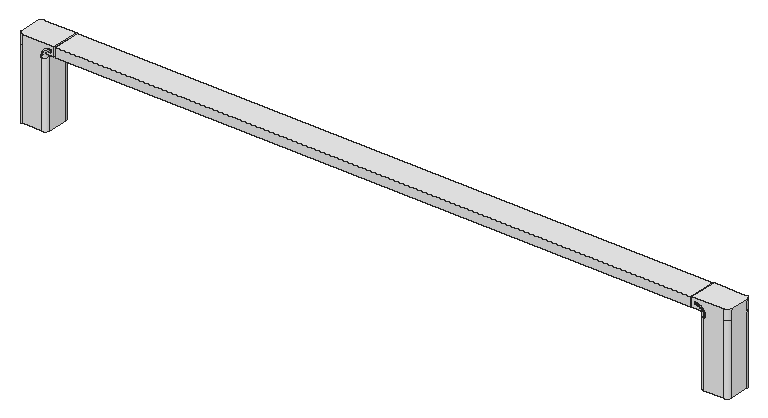
Revit family "Towel Rail-Single-Dorf Epic1", category Specialty Equipment, host Face, Revit 2012
Parameters (values of type "Epic Single Towel Rail - 600mm")
  URL = "http://www.dorf.com.au/"
  Type Comments = "Epic Single Towel Rail - 600mm"
  Model = "6424.04"
  Material_ANZRS = Metal-Chrome-Caroma
  Manufacturer = "Dorf"  # constant formula
  Long = no
  Length_ANZRS = if(Long, 800 mm, 600 mm)  # 600 mm
  Description = "In line with the current bathroom trend toward more minimally styled geometric shapes"  # constant formula
  Default Elevation = 1100 mm
  CreatedBy_ANZRS = "Design Content"  # constant formula
  CreatedByURL_ANZRS = "www.designcontent.com.au"
  Cost = 0
  Assembly Code = "C1030200"
Types (3, lengths in mm): name | Type Comments | Model | Long | Length_ANZRS | Default Elevation
  (no name) | "Epic Single Towel Rail - 600mm" | "6424.04" | no | 600 | 1100
  Epic Single Towel Rail - 600mm | "Epic Single Towel Rail - 600mm" | "6424.04" | no | 600 | 1100
  Epic Single Towel Rail - 800mm | "Epic Single Towel Rail - 800mm" | "6425.04" | yes | 800 | 900
Reference planes
  plane 1 "Center (Elevation)": y = 0
  plane 2 "Back": z = 0
  plane 3 "Center (Left/Right)": x = 0
  plane 4 "Left": x = -300
  plane 5 "Right": x = 300
  plane 6 "Top": y = 12.5
  plane 7 "Bottom": y = -12.5
  plane 8 "Front": z = 70
  plane 9: x = -312.5
  plane 10: x = -287.5
  plane 11: x = 287.5
  plane 12: x = 312.5
Forms (mm)
  Extrusion 1, solid, material "Metal-Chrome-Caroma" <- "Material_ANZRS"
    sketch origin (0, 0, 0) x (1, 0, 0) y (0, 1, 0)
      loop
        arc (-308.5, 12.5) -> (-311.328, 11.328) -> (-312.5, 8.5) r 4
        line (-312.5, 8.5) -> (-312.5, -8.5)
        arc (-312.5, -8.5) -> (-311.328, -11.328) -> (-308.5, -12.5) r 4
        line (-308.5, -12.5) -> (-291.5, -12.5)
        arc (-291.5, -12.5) -> (-288.672, -11.328) -> (-287.5, -8.5) r 4
        line (-287.5, -8.5) -> (-287.5, 8.5)
        arc (-287.5, 8.5) -> (-288.672, 11.328) -> (-291.5, 12.5) r 4
        line (-291.5, 12.5) -> (-308.5, 12.5)
      loop
        line (308.5, 12.5) -> (291.5, 12.5)
        arc (291.5, 12.5) -> (288.672, 11.328) -> (287.5, 8.5) r 4
        line (287.5, 8.5) -> (287.5, -8.5)
        arc (287.5, -8.5) -> (288.672, -11.328) -> (291.5, -12.5) r 4
        line (291.5, -12.5) -> (308.5, -12.5)
        arc (308.5, -12.5) -> (311.328, -11.328) -> (312.5, -8.5) r 4
        line (312.5, -8.5) -> (312.5, 8.5)
        arc (312.5, 8.5) -> (311.328, 11.328) -> (308.5, 12.5) r 4
    from 0 to 62
  Extrusion 2, solid, material "Metal-Chrome-Caroma" <- "Material_ANZRS"
    sketch origin (0, 0, -43) x (1, 0, 0) y (0, 1, 0)
      loop
        line (-279.5, 12.5) -> (-279.5, -12.5) -> (279.5, -12.5) -> (279.5, 12.5) -> (-279.5, 12.5)
      loop
        line (280.5, 12.5) -> (280.5, -12.5) -> (308.5, -12.5)
        arc (308.5, -12.5) -> (311.328, -11.328) -> (312.5, -8.5) r 4
        line (312.5, -8.5) -> (312.5, 8.5)
        arc (312.5, 8.5) -> (311.328, 11.328) -> (308.5, 12.5) r 4
        line (308.5, 12.5) -> (280.5, 12.5)
      loop
        line (-280.5, 12.5) -> (-308.5, 12.5)
        arc (-308.5, 12.5) -> (-311.328, 11.328) -> (-312.5, 8.5) r 4
        line (-312.5, 8.5) -> (-312.5, -8.5)
        arc (-312.5, -8.5) -> (-311.328, -11.328) -> (-308.5, -12.5) r 4
        line (-308.5, -12.5) -> (-280.5, -12.5) -> (-280.5, 12.5)
    from 105 to 113
  Extrusion 3, solid, material "Metal-Chrome-Caroma" <- "Material_ANZRS"
    sketch origin (0, 0, 0) x (0, 1, 0) y (0, 0, 1)
      loop
        line (12, 69.5) -> (-12, 69.5) -> (-12, 62.5) -> (12, 62.5) -> (12, 69.5)
    from -287.5 to 287.5
  Sweep 4, solid, material "Metal-Chrome-Caroma" <- "Material_ANZRS"
    path origin (0, 0, 0) x (1, 0, 0) y (0, 0, 1)
      loop
        arc (-287.5, 58) -> (-286.328, 60.828) -> (-283.5, 62) r 4
    profile origin (-287.5, 0, 58) x (-1, 0, 0) y (0, -1, 0)
      loop
        arc (4, 12.5) -> (1.172, 11.328) -> (0, 8.5) r 4
        line (0, 8.5) -> (0, -8.5)
        arc (0, -8.5) -> (1.172, -11.328) -> (4, -12.5) r 4
        line (4, -12.5) -> (5, -12.5) -> (5, 12.5) -> (4, 12.5)
  Sweep 5, solid, material "Metal-Chrome-Caroma" <- "Material_ANZRS"
    path origin (0, 0, 0) x (-1, 0, 0) y (0, 0, 1)
      loop
        arc (-287.5, 58) -> (-286.328, 60.828) -> (-283.5, 62) r 4
    profile origin (287.5, 0, 58) x (-1, 0, 0) y (0, -1, 0)
      loop
        line (-4, 12.5) -> (-5, 12.5) -> (-5, -12.5) -> (-4, -12.5)
        arc (-4, -12.5) -> (-1.172, -11.328) -> (0, -8.5) r 4
        line (0, -8.5) -> (0, 8.5)
        arc (0, 8.5) -> (-1.172, 11.328) -> (-4, 12.5) r 4
Cuts and joins
  joined: Extrusion 1, Extrusion 2, Extrusion 3
Dimensions and locks
  equal spacing: plane 4 "Left", plane 3 "Center (Left/Right)", plane 5 "Right"
  "Length_ANZRS": plane 4 "Left" to plane 5 "Right"
  equal spacing: plane 7 "Bottom", plane 1 "Center (Elevation)", plane 6 "Top"
  locked: plane 7 "Bottom" to plane 6 "Top" at 25
  plane 8 "Front" to level = 70 mm
  Extrusion 1 sketch curve to plane 4 "Left" to Extrusion 1 sketch curve = 12.5 mm locked, 12.5 mm locked
  Extrusion 1 sketch curve to plane 5 "Right" to Extrusion 1 sketch curve = 12.5 mm locked, 12.5 mm locked
  plane 9 to plane 4 "Left" to plane 10 = 12.5 mm locked, 12.5 mm locked
  plane 11 to plane 5 "Right" to plane 12 = 12.5 mm locked, 12.5 mm locked
  plane 10 to Extrusion 2 sketch curve to Extrusion 2 sketch curve = 7 mm locked, 1 mm locked
  Extrusion 2 sketch curve to Extrusion 2 sketch curve to plane 11 = 1 mm locked, 7 mm locked
  aligned and locked: plane 2 "Back" to host face
  aligned and locked: level to host face
  aligned and locked: Extrusion 2 sketch curve to plane 9
  aligned and locked: plane 12 to Extrusion 2 sketch curve
Automatic sketch dimensions
  host sketch curve to host sketch curve = 2438.4 mm  (x2)
  plane 7 "Bottom" to Extrusion 1 sketch curve = 0 mm  (x2)
  plane 6 "Top" to Extrusion 1 sketch curve = 0 mm  (x2)
  plane 9 to Extrusion 1 sketch curve = 4 mm  (x2)
  plane 10 to Extrusion 1 sketch curve = 4 mm  (x2)
  plane 11 to Extrusion 1 sketch curve = 4 mm  (x2)
  plane 12 to Extrusion 1 sketch curve = 4 mm  (x2)
  plane 6 "Top" to Extrusion 2 sketch curve = 0 mm  (x3)
  plane 7 "Bottom" to Extrusion 2 sketch curve = 0 mm  (x3)
  plane 9 to Extrusion 2 sketch curve = 4 mm  (x2)
  plane 12 to Extrusion 2 sketch curve = 4 mm  (x2)
  Extrusion 3 sketch curve to plane 7 "Bottom" = 0.5 mm
  plane 6 "Top" to Extrusion 3 sketch curve = 0.5 mm
  Extrusion 3 sketch curve to plane 8 "Front" = 7.5 mm
  Extrusion 3 sketch curve to plane 8 "Front" = 0.5 mm
  Sweep 4 sketch curve to plane 10 = 0 mm
  Sweep 4 sketch curve to plane 10 = 4 mm
  Sweep 4 sketch curve to plane 8 "Front" = 12 mm
  Sweep 4 sketch curve to profile plane = 0 mm
  Sweep 4 sketch curve to profile plane = 4 mm  (x2)
  Sweep 4 sketch curve to Sweep 4 sketch curve = 1 mm
  Sweep 4 sketch curve to plane 1 "Center (Elevation)" = 12.5 mm
  plane 1 "Center (Elevation)" to Sweep 4 sketch curve = 8.5 mm
  plane 11 to Sweep 5 sketch curve = 0 mm
  plane 11 to Sweep 5 sketch curve = 4 mm
  plane 8 "Front" to Sweep 5 sketch curve = 12 mm
  Sweep 5 sketch curve to profile plane = 0 mm
  Sweep 5 sketch curve to Sweep 5 sketch curve = 4 mm
  profile plane to Sweep 5 sketch curve = 4 mm
  Sweep 5 sketch curve to Sweep 5 sketch curve = 1 mm
  Sweep 5 sketch curve to plane 1 "Center (Elevation)" = 12.5 mm
  plane 1 "Center (Elevation)" to Sweep 5 sketch curve = 8.5 mm
